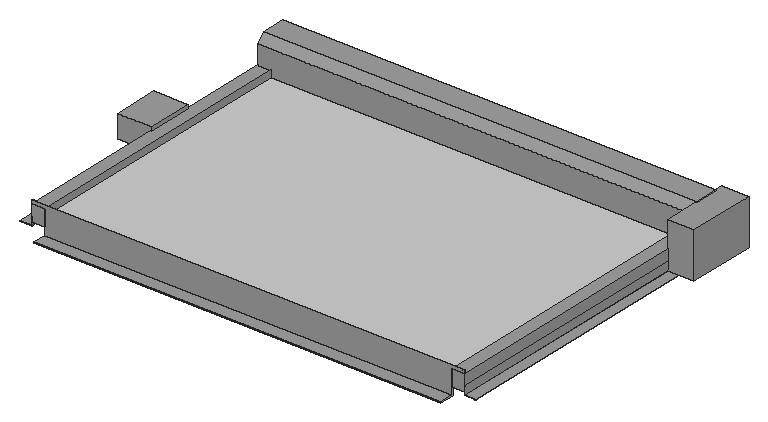
Revit family "NEWSE_Trez_Door_Fast_Rolling", category Specialty Equipment, host Face, Revit 2022
Family settings
  Host = Face
  Round Connector Dimension = Use Diameter
  Part Type = Normal
  Cut with Voids When Loaded = No
  Maintain Annotation Orientation = No
  Shared = No
  Room Calculation Point = No
Parameters (values of type "3600x2500mm")
  Clear Width = 3600 mm
  Wall Thickness [instance] = 18 mm
  URL = "https://trez.bg/en/products/"
  Trim Material = TREZ_Steel_Frame
  Real Width = if(Clear Width < 1050 mm, 1050 mm, if(Clear Width > 5900 mm, 5900 mm, Clear Width))  # 3600 mm
  Real Height = if(Clear Height < 2000 mm, 2000 mm, if(Clear Height > 4500 mm, 4500 mm, Clear Height))  # 2500 mm
  Model = "FR"
  Manufacturer = "TREZ Ltd."
  Panel Material = TREZ_Steel_Panel
  Clear Height = 2500 mm
  Frame Material = TREZ_Steel_Frame
  Description = "The door model FR (Fast Rolling) is a fast industrial rolling door with 2 lines of transparent labels for observations. It complies with 2006/42/EC."  # constant formula
  Default Elevation = 0 mm  # constant formula
  Created By URL = "https://all1studio.com/"
  Created By = "All 1 Studio Ltd."
Types (5, lengths in mm): name | Clear Width | Real Width
  2900x2500mm | 2900 | 2900
  2300x2500mm | 2300 | 2300
  2000x2500mm | 2000 | 2000
  3300x2500mm | 3300 | 3300
  3600x2500mm | 3600 | 3600
Reference planes
  plane 1 "Center (Front/Back)": y = 0
  plane 2: z = 0
  plane 3 "Center (Left/Right)": x = 0
  plane 4: y = 2500
  plane 5: x = -1800
  plane 6: x = 1800
  plane 7: z = 29.783
  plane 8: z = 169.783
  plane 9: x = -1912.7
  plane 10: x = 1913
  plane 11: y = 2845
  plane 12: z = 404.783
  plane 13: x = -2077.7
  plane 14: z = 114.783
  plane 15: z = 99.783
  plane 16: y = 1725.131
  plane 17: y = 1325.131
  plane 18: x = -2212.7
  plane 19: z = 199.783
  plane 20: x = 2143
  plane 21: y = 2240
  plane 22: z = -18
  plane 23: y = 5
  plane 24: z = -39
Forms (mm)
  Extrusion 1, void
    sketch origin (0, 0, 0) x (1, 0, 0) y (0, 1, 0)
      loop
        line (1800, 0) -> (1800, 2500) -> (-1800, 2500) -> (-1800, 0) -> (1800, 0)
    from 0 to -18
  Extrusion 2, solid, material "TREZ_Steel_Frame" <- "Frame Material"
    sketch origin (0, 0, 0) x (1, 0, 0) y (0, 0, 1)
      loop
        line (-1800, 169.783) -> (-1912.7, 169.783) -> (-1912.7, 29.783) -> (-1800, 29.783) -> (-1800, 169.783)
      loop
        line (1913, 169.783) -> (1800, 169.783) -> (1800, 29.783) -> (1913, 29.783) -> (1913, 169.783)
    from 0 to -2500
  Extrusion 3, solid, material "TREZ_Steel_Frame" <- "Frame Material"
    sketch origin (0, 0, 0) x (0, 1, 0) y (0, 0, 1)
      loop
        line (2500, 29.783) -> (2845, 29.783) -> (2845, 337.232) -> (2777.45, 404.783) -> (2564.55, 404.783) -> (2500, 340.232) -> (2500, 29.783)
    from -1912.7 to 1913
  Extrusion 4, solid, material "TREZ_Steel_Frame" <- "Frame Material"
    sketch origin (0, 0, 0) x (1, 0, 0) y (0, 0, 1)
      loop
        line (-1914.2, 1) -> (-2012.7, 1) -> (-2012.7, 0) -> (-1914.2, 0)
        arc (-1914.2, 0) -> (-1913.139, 0.439) -> (-1912.7, 1.5) r 1.5
        line (-1912.7, 1.5) -> (-1912.7, 74.118) -> (-1913.7, 74.118) -> (-1913.7, 1.5)
        arc (-1913.7, 1.5) -> (-1913.846, 1.146) -> (-1914.2, 1) r 0.5
      loop
        arc (1914.5, 1) -> (1914.146, 1.146) -> (1914, 1.5) r 0.5
        line (1914, 1.5) -> (1914, 74.118) -> (1913, 74.118) -> (1913, 1.5)
        arc (1913, 1.5) -> (1913.439, 0.439) -> (1914.5, 0) r 1.5
        line (1914.5, 0) -> (2013, 0) -> (2013, 1) -> (1914.5, 1)
    from 0 to -2845
  Extrusion 5, solid, material "TREZ_Steel_Panel" <- "Panel Material"
    sketch origin (0, 0, 0) x (1, 0, 0) y (0, 1, 0)
      loop
        line (1800, 2500) -> (-1800, 2500) -> (-1800, 5) -> (1800, 5) -> (1800, 2500)
    from 99.783 to 114.783
  Extrusion 6, solid, material "TREZ_Steel_Frame" <- "Frame Material", detail levels fine
    sketch origin (0, 0, 0) x (1, 0, 0) y (0, 1, 0)
      loop
        line (-1912.7, 1725.131) -> (-2212.7, 1725.131) -> (-2212.7, 1325.131) -> (-1912.7, 1325.131) -> (-1912.7, 1725.131)
    from 0 to 199.783
  Extrusion 7, solid, material "TREZ_Steel_Frame" <- "Frame Material"
    sketch origin (0, 0, 0) x (1, 0, 0) y (0, 1, 0)
      loop
        line (2143, 2845) -> (1913, 2845) -> (1913, 2240) -> (2143, 2240) -> (2143, 2845)
    from 0 to 404.783
  Extrusion 8, solid, material "TREZ_Steel_Frame" <- "Trim Material"
    sketch origin (0, 0, 0) x (0, 1, 0) y (0, 0, 1)
      loop
        line (0, -39) -> (-120, -39) -> (-120, -44) -> (5, -44) -> (5, 199.783) -> (0, 199.783) -> (0, -39)
    from -1912.7 to 1913
  Extrusion 9, void
    sketch origin (0, 0, 0) x (1, 0, 0) y (0, 0, 1)
      loop
        line (-1800, 169.783) -> (-1912.7, 169.783) -> (-1912.7, -44) -> (-1800, -44) -> (-1800, 169.783)
      loop
        line (1800, 169.783) -> (1800, -44) -> (1913, -44) -> (1913, 169.783) -> (1800, 169.783)
    from -5 to 120
Cuts and joins
  Extrusion 9 cuts Extrusion 8
Dimensions and locks
  "Real Height": plane 1 "Center (Front/Back)" to plane 4
  equal spacing: plane 5, plane 3 "Center (Left/Right)", plane 6
  "Real Width": plane 5 to plane 6
  plane 18 to plane 13 to plane 9 to plane 5 = 135 mm locked, 165 mm locked, 112.7 mm locked
  locked: plane 11 to plane 4 at 345
  locked: plane 6 to plane 10 at 113
  plane 14 to plane 8 = 55 mm
  plane 15 to plane 14 = 15 mm
  plane 4 to plane 16 to plane 17 = 774.869 mm locked, 400 mm locked
  locked: plane 14 to plane 15 at 15
  locked: plane 7 to level at 29.783
  plane 19 to plane 8 to level = 30 mm locked, 169.783 mm locked
  locked: plane 10 to plane 20 at 230
  locked: plane 11 to plane 21 at 605
  "Wall Thickness": level to plane 22
  locked: plane 23 to plane 1 "Center (Front/Back)" at 5
  locked: plane 22 to plane 24 at 21
  aligned and locked: host face to plane 2
  aligned and locked: level to host face
  aligned and locked: plane 5 to Extrusion 1 sketch curve
  aligned and locked: Extrusion 1 sketch curve to plane 1 "Center (Front/Back)"
  aligned and locked: Extrusion 1 sketch curve to plane 6
  aligned and locked: Extrusion 1 sketch curve to plane 4
  aligned and locked: Extrusion 2 sketch curve to plane 8  (x2)
  aligned and locked: plane 5 to Extrusion 2 sketch curve
  aligned and locked: plane 7 to Extrusion 2 sketch curve  (x2)
  aligned and locked: plane 9 to Extrusion 2 sketch curve
  aligned and locked: plane 10 to Extrusion 2 sketch curve
  aligned and locked: plane 6 to Extrusion 2 sketch curve
  aligned and locked: plane 4 to Extrusion 2
  aligned and locked: plane 7 to Extrusion 3 sketch curve
  aligned and locked: plane 11 to Extrusion 3 sketch curve
  aligned and locked: plane 4 to Extrusion 3 sketch curve
  aligned and locked: Extrusion 3 sketch curve to plane 12
  aligned and locked: plane 9 to Extrusion 3
  aligned and locked: plane 10 to Extrusion 3
  aligned and locked: plane 11 to Extrusion 4
  aligned and locked: Extrusion 5 sketch curve to plane 5
  aligned and locked: Extrusion 5 sketch curve to plane 6
  aligned and locked: plane 4 to Extrusion 5 sketch curve
  aligned and locked: plane 15 to Extrusion 5
  aligned and locked: Extrusion 5 to plane 14
  aligned and locked: plane 18 to Extrusion 6 sketch curve
  aligned and locked: Extrusion 6 sketch curve to plane 17
  aligned and locked: plane 16 to Extrusion 6 sketch curve
  aligned and locked: Extrusion 6 sketch curve to plane 9
  aligned and locked: Extrusion 6 to plane 19
  aligned and locked: Extrusion 7 sketch curve to plane 10
  aligned and locked: plane 20 to Extrusion 7 sketch curve
  aligned and locked: Extrusion 7 sketch curve to plane 21
  aligned and locked: plane 11 to Extrusion 7 sketch curve
  aligned and locked: plane 12 to Extrusion 7
  aligned and locked: level to Extrusion 1
  aligned and locked: plane 22 to Extrusion 1
  aligned and locked: plane 1 "Center (Front/Back)" to Extrusion 8 sketch curve
  aligned and locked: Extrusion 8 sketch curve to plane 23
  aligned and locked: plane 23 to Extrusion 5 sketch curve
  aligned and locked: Extrusion 8 to plane 19
  aligned and locked: plane 24 to Extrusion 8 sketch curve
  aligned and locked: plane 9 to Extrusion 9 sketch curve
  aligned and locked: plane 5 to Extrusion 9 sketch curve
  aligned and locked: Extrusion 9 sketch curve to plane 8
  aligned and locked: Extrusion 9 sketch curve to plane 10
  aligned and locked: Extrusion 9 sketch curve to plane 6
  aligned and locked: plane 8 to Extrusion 9 sketch curve
  aligned and locked: Extrusion 9 to plane 23
  aligned and locked: plane 1 "Center (Front/Back)" to Extrusion 2
  aligned and locked: plane 1 "Center (Front/Back)" to Extrusion 4
  aligned and locked: Extrusion 8 to Extrusion 9
  aligned and locked: Extrusion 9 sketch curve to cut or joined group of Extrusion 8, Extrusion 9  (x2)
  aligned and locked: plane 9 to cut or joined group of Extrusion 8, Extrusion 9
  aligned and locked: plane 10 to cut or joined group of Extrusion 8, Extrusion 9
Automatic sketch dimensions
  host sketch curve to host sketch curve = 4515.6 mm
  host sketch curve to host sketch curve = 4924.2 mm
  Extrusion 4 sketch curve to Extrusion 4 sketch curve = 0 mm  (x4)
  Extrusion 4 sketch curve to plane 10 = 0 mm
  Extrusion 4 sketch curve to level = 0 mm  (x2)
  plane 10 to Extrusion 4 sketch curve = 1 mm
  Extrusion 4 sketch curve to Extrusion 4 sketch curve = 0.5 mm  (x2)
  Extrusion 4 sketch curve to Extrusion 4 sketch curve = 98.5 mm  (x2)
  Extrusion 4 sketch curve to plane 7 = 44.335 mm  (x2)
  plane 4 to Extrusion 3 sketch curve = 64.55 mm
  Extrusion 3 sketch curve to plane 11 = 67.55 mm
  Extrusion 3 sketch curve to plane 12 = 67.55 mm
  Extrusion 3 sketch curve to plane 12 = 64.55 mm
  plane 9 to Extrusion 4 sketch curve = 0 mm
  Extrusion 4 sketch curve to Extrusion 4 sketch curve = 1 mm
  Extrusion 8 sketch curve to plane 8 = 30 mm
  plane 24 to Extrusion 8 sketch curve = 5 mm
  plane 1 "Center (Front/Back)" to Extrusion 8 sketch curve = 120 mm
